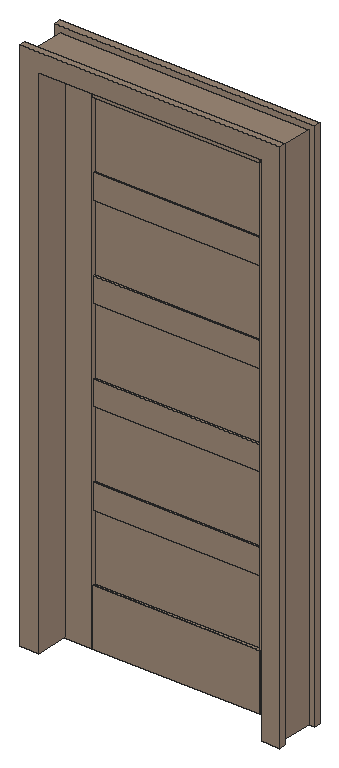
Revit family "Door-Exterior-Simpson-Traditional_Shaker", category Doors, host Wall, Revit 2012
Parameters (values of type "SEE CATALOG")
  Wood Species Note = "Available in Any Wood Species"
  Wood Species = "http://simpsondoor.com/e-catalog/#10"
  WaterBarrier with UltraBlock Technology = no
  WaterBarrier Note = "This Door Comes with The Option of WaterBarrier with UltraBlock Technology. It is Turn Off as a Default"
  Vertical Divide Width = 4 3/8"
  Upper Horizontal Divide Width = 4"
  UltraBlock Option = yes
  UltraBlock Note = "This Door Comes with The Option of UltraBlock Technology. It is Turn On as a Default"
  URL = "http://www.simpsondoor.com/"
  Typical Horizontal Divide Width = 4"
  Top Secondary Panel Height = 8 1/2"
  Top Rail Height = 4 5/16"
  Thickness = 1 3/4"
  Show Split Vertical Divide = no
  Show Full Vertical Divide = no
  Show Frame [instance] = yes
  Show Bottom Vertical Divide = no
  Rough Width = Width - (Frame Width * 2)  # 30"
  Rough Height = Height - Frame Width  # 81"
  Product Page URL = "http://www.simpsondoor.com/door-products/exterior/craftsman-collection/"
  Product Documentation Link = "http://www.simpsondoor.com/technical-information/detail-drawings/6000/S-6170-102-608.5-0700.pdf"
  Panel Type = Traditional Shaker-Panel_w_Divides : Panel
  Panel Thickness = 3/4"
  Panel Stile Width = 4 7/16"
  Panel = Wood - Simpson Doors - Douglas Fir
  Number of Horizontal Divides = 4
  Model = "000"
  Manufacturer = "Simpson Door Company"  # constant formula
  Lower Panel Height = 36"
  Lock Rail Height = 7 3/8"
  Height = 84"
  Function = 1
  Frame Width = 3"
  Frame = Wood - Simpson Doors - Douglas Fir
  Description = "Door"
  Default Sill Height = 0"  # constant formula
  Wall Closure = 3
  Width = 36"
  Bottom Rail Height = 9 3/16"
  Assembly Code = "B2020100"
Values of the unnamed type that differ from the named types
  Function = Exterior
  Wall Closure = Exterior
Reference planes (in)
  plane 1 "Center (Front/Back)": y = 0
  plane 2: z = 0
  plane 3 "Center (Left/Right)": x = 0
  plane 4 "Left": x = -18
  plane 5 "Right": x = 18
  plane 6 "Sill": z = 0
  plane 7 "Top": z = 84
  plane 8: x = -13.5625
  plane 9: z = 79.6875
  plane 10: z = 9.1875
Lines and regions (in)
  Opening 1
    outline origin (-60, -3, 0) x (1, 0, 0) y (0, 0, 1)
      loop
        line (42, 84) -> (42, 0) -> (78, 0) -> (78, 84) -> (42, 84)
Text (in)
  text "EXTERIOR" at (-58.6888, 50.90694, 0), in view "Ref. Level"
  text "INTERIOR" at (-58.6888, -37.76638, 0), in view "Ref. Level"
  text "Exterior" at (0, 43.65631, 123.19604), in view "Left"
  text "Exterior" at (0, 18.29385, 125.04747), in view "Right"
Dimensions and locks (in)
  equal spacing: plane 4 "Left", plane 3 "Center (Left/Right)", plane 5 "Right"
  "Width": plane 4 "Left" to plane 5 "Right"
  "Height": plane 6 "Sill" to plane 7 "Top"
  "Default Sill Height": plane 2 to plane 6 "Sill"
  "Panel Stile Width": plane 4 "Left" to plane 8
  "Bottom Rail Height": plane 10 to plane 6 "Sill"
  "Top Rail Height": plane 7 "Top" to plane 9
  aligned and locked: plane 7 "Top" to Opening 1 sketch curve
  aligned and locked: plane 6 "Sill" to Opening 1 sketch curve  (x2)
  aligned and locked: plane 5 "Right" to Opening 1 sketch curve
  aligned and locked: plane 4 "Left" to Opening 1 sketch curve
  aligned and locked: level to plane 2
  aligned and locked: plane 3 "Center (Left/Right)" to nested 1
  aligned and locked: nested 2 to plane 4 "Left"
  aligned and locked: nested 3 to plane 3 "Center (Left/Right)"
  aligned and locked: host wall to nested 1
  aligned and locked: nested 4 to nested 1
  aligned and locked: plane 4 "Left" to nested 1
  aligned and locked: nested 1 to plane 4 "Left"
  aligned and locked: plane 3 "Center (Left/Right)" to nested 4
Nested families (in)
  nested 1: "Traditional-Door_Edge" at (0, 2.125, 0), type "Panel"
    with Top Offset 4 5/16", Side Offset 4 7/16", Height 84", Bottom Offset 9 3/16"
  nested 2: "Single Swing Door - Traditional" at (0, 0, 0) x (-1, 0, 0) z (0, 0, 1), type "Swing"
    with Side Offset 4 7/16", Height 84"
  nested 3: "Frame" at (0, 0, 0) x (-1, 0, 0) z (0, 0, 1), visible <- "Show Frame", type "Standard"
    with Function 1
  nested 4: "Traditional Shaker-Panel_w_Divides" at (0, 2.125, 0), type <- "Panel Type", type "Panel"
    with Height 84", Insert Height 70 1/2"
Definition of nested family "Traditional-Door_Edge"
  Parameters (values of type "Panel")
    Width = 36"
    Top Offset = 3 15/16"
    Thickness = 1 3/4"
    Side Offset = 5"
    Panel Material = Wood - Simpson Doors - Douglas Fir
    Height = 80"
    Bottom Offset = 8 11/16"
  Reference planes (in)
    plane 1 "Center (Front/Back)": y = 0
    plane 2 "Bottom": z = 0
    plane 3 "Center (Left/Right)": x = 0
    plane 4: x = -18
    plane 5: y = 0.875
    plane 6: x = 18
    plane 7: y = -0.875
    plane 8: z = 80
    plane 9: x = 13
    plane 10: x = -13
    plane 11: z = 76.0625
    plane 12: y = -0.375
    plane 13: y = 0.375
    plane 14: z = 8.6875
  Forms (in)
    Extrusion 1, solid, material "Wood - Simpson Doors - Douglas Fir" <- "Panel Material"
      sketch origin (0, 0, 0) x (1, 0, 0) y (0, 0, 1)
        loop
          line (-18, 80) -> (-18, 0) -> (-13, 0) -> (-13, 80) -> (-18, 80)
        loop
          line (18, 80) -> (13, 80) -> (13, 0) -> (18, 0) -> (18, 80)
      from -0.875 to 0.875
    Extrusion 2, solid, material "Wood - Simpson Doors - Douglas Fir" <- "Panel Material"
      sketch origin (0, -0.875, 0) x (1, 0, 0) y (0, 0, 1)
        loop
          line (-13, 80) -> (-13, 76.0625) -> (13, 76.0625) -> (13, 80) -> (-13, 80)
        loop
          line (-13, 8.6875) -> (-13, 0) -> (13, 0) -> (13, 8.6875) -> (-13, 8.6875)
      from -1.75 to 0
  Dimensions and locks (in)
    equal spacing: plane 5, plane 1 "Center (Front/Back)", plane 7
    equal spacing: plane 4, plane 3 "Center (Left/Right)", plane 6
    "Width": plane 4 to plane 6
    "Thickness": plane 5 to plane 7
    "Height": plane 8 to level
    "Side Offset": plane 10 to plane 4
    "Top Offset": plane 8 to plane 11
    equal spacing: plane 13, plane 1 "Center (Front/Back)", plane 12
    plane 13 to plane 12 = 3/4"
    "Bottom Offset": plane 14 to plane 2 "Bottom"
    "Side Offset": plane 6 to plane 9
    aligned and locked: plane 2 "Bottom" to level
    aligned and locked: Extrusion 1 sketch curve to plane 4
    aligned and locked: Extrusion 1 sketch curve to plane 6
    aligned and locked: Extrusion 1 sketch curve to level  (x2)
    aligned and locked: Extrusion 1 sketch curve to plane 8  (x2)
    aligned and locked: plane 5 to Extrusion 1
    aligned and locked: Extrusion 1 to plane 7
    aligned and locked: Extrusion 1 to plane 9
    aligned and locked: Extrusion 2 sketch curve to Extrusion 1  (x2)
    aligned and locked: Extrusion 1 to Extrusion 2 sketch curve  (x2)
    aligned and locked: plane 11 to Extrusion 2 sketch curve
    aligned and locked: Extrusion 2 sketch curve to plane 9
    aligned and locked: Extrusion 2 sketch curve to plane 14
    aligned and locked: plane 10 to Extrusion 2 sketch curve
    aligned and locked: plane 5 to Extrusion 2
    aligned and locked: Extrusion 2 to plane 7
  Automatic sketch dimensions
    Extrusion 1 sketch curve to plane 10 = 0"
    Extrusion 1 sketch curve to plane 9 = 0"
Definition of nested family "Frame"
  Parameters (values of type "Standard")
    Rough Width = Width + 4"  # 40"
    Rough Height = Height + 2"  # 86"
    Function = (empty or 0)
    Frame Projection Ext. = 1"
    Frame Projection Int. = Frame Projection Ext.  # 1"
    Frame Width = 3"
    Height = 84"
    Wall Closure = (empty or 0)
    Width = 36"
    Frame = none
  Reference planes (in)
    plane 1 "Center (Front/Back)": y = 0
    plane 2 "Center (Left/Right)": x = 0
    plane 3 "Left": x = -18
    plane 4 "Right": x = 18
    plane 5 "Top": z = 84
    plane 6 "Exterior": y = 3
    plane 7 "Interior": y = -3
    plane 8: x = -21
    plane 9: x = 21
    plane 10: x = -20
    plane 11: x = 20
    plane 12: z = 86
    plane 13 "Bottom": z = 0
  Forms (in)
    Extrusion 1, solid, material <- "Frame"
      sketch origin (-90, 3, 0) x (-1, 0, 0) y (0, 0, 1)
        loop
          line (-108, 84) -> (-72, 84) -> (-72, 0) -> (-69, 0) -> (-69, 87) -> (-111, 87) -> (-111, 0) -> (-108, 0) -> (-108, 84)
      from 0 to 1
    Extrusion 2, solid, material <- "Frame"
      sketch origin (-90, -3, 0) x (1, 0, 0) y (0, 0, 1)
        loop
          line (72, 0) -> (72, 84) -> (108, 84) -> (108, 0) -> (111, 0) -> (111, 87) -> (69, 87) -> (69, 0) -> (72, 0)
      from 0 to 1
    Sweep 3, solid, material <- "Frame"
      path in 3D
        loop
          line (18, 4, 0) -> (18, 4, 84) -> (-18, 4, 84) -> (-18, 4, 0)
      profile origin (-18, 4, 42) x (1, 0, 0) y (0, 1, 0)
        loop
          line (0, -7) -> (0, -1) -> (-2, -1) -> (-2, -7) -> (0, -7)
  Cuts and joins
    joined: Extrusion 1, Extrusion 2, Sweep 3
  Lines and regions (in)
    Opening 1
      outline origin (-90, -3, 0) x (1, 0, 0) y (0, 0, 1)
        loop
          line (70, 0) -> (110, 0) -> (110, 86) -> (70, 86) -> (70, 0)
    Masking region 1, detail levels medium+fine
      outline origin (0, 0, 0) x (1, 0, 0) y (0, 1, 0)
        loop
          line (-18, 4) -> (-21, 4) -> (-21, 3) -> (-20, 3) -> (-20, -3) -> (-21, -3) -> (-21, -4) -> (-18, -4) -> (-18, 4)
        loop
          line (21, 4) -> (18, 4) -> (18, -4) -> (21, -4) -> (21, -3) -> (20, -3) -> (20, 3) -> (21, 3) -> (21, 4)
    Masking region 2, detail levels coarse
      outline origin (0, 0, 0) x (1, 0, 0) y (0, 1, 0)
        loop
          line (-18, 3) -> (-20, 3) -> (-20, -3) -> (-18, -3) -> (-18, 3)
        loop
          line (20, 3) -> (18, 3) -> (18, -3) -> (20, -3) -> (20, 3)
    sketch lines
      curve 1: line (-18, 4, 84) -> (-18, 4, 0)
      curve 2: line (18, 4, 84) -> (-18, 4, 84)
      curve 3: line (18, 4, 0) -> (18, 4, 84)
  Text (in)
    text "Exterior" at (-74.96733, 27.31104, 0), in view "Ref. Level"
    text "Interior" at (-74.96733, -25.14366, 0), in view "Ref. Level"
    text "Exterior" at (0, 40.15149, 123.01588), in view "Right"
    text "Interior" at (0, -64.39139, 123.01588), in view "Right"
    text "Interior" at (0, -31.01599, 123.00693), in view "Left"
    text "Exterior" at (0, 54.57065, 123.00693), in view "Left"
  Dimensions and locks (in)
    equal spacing: plane 3 "Left", plane 2 "Center (Left/Right)", plane 4 "Right"
    "Height": level to plane 5 "Top"
    "Frame Width": Extrusion 2 sketch curve to plane 3 "Left"
    "Frame Width": Extrusion 2 sketch curve to plane 4 "Right"
    "Frame Width": Extrusion 2 sketch curve to plane 5 "Top"
    "Frame Width": Extrusion 1 sketch curve to Extrusion 1 sketch curve  (x2)
    "Frame Width": Extrusion 1 sketch curve to plane 5 "Top"
    host wall to plane 5 "Top" = 84"
    "Frame Projection Int.": Extrusion 2 to host wall
    "Frame Projection Ext.": Extrusion 1 to host wall
    "Width": plane 3 "Left" to plane 4 "Right"
    "Frame Width": plane 8 to plane 3 "Left"
    "Frame Width": plane 4 "Right" to plane 9
    equal spacing: plane 10, plane 2 "Center (Left/Right)", plane 11
    "Rough Width": plane 10 to plane 11
    "Rough Height": level to plane 12
    aligned and locked: Opening 1 sketch curve to level
    aligned and locked: plane 5 "Top" to Extrusion 1 sketch curve  (x2)
    aligned and locked: plane 3 "Left" to Extrusion 1 sketch curve
    aligned and locked: Extrusion 1 sketch curve to plane 3 "Left"
    aligned and locked: level to Extrusion 1 sketch curve
    aligned and locked: plane 4 "Right" to Extrusion 1 sketch curve
    aligned and locked: Extrusion 1 to host wall
    aligned and locked: plane 3 "Left" to Extrusion 2 sketch curve
    aligned and locked: plane 5 "Top" to Extrusion 2 sketch curve  (x2)
    aligned and locked: plane 4 "Right" to Extrusion 2 sketch curve  (x2)
    aligned and locked: level to Extrusion 2 sketch curve
    aligned and locked: Extrusion 2 sketch curve to level
    aligned and locked: Extrusion 2 to host wall
    aligned and locked: plane 6 "Exterior" to host wall
    aligned and locked: plane 7 "Interior" to host wall
    aligned and locked: Opening 1 sketch curve to plane 11
    aligned and locked: plane 10 to Opening 1 sketch curve
    aligned and locked: Opening 1 sketch curve to plane 12
    aligned and locked: Sweep 3 sketch curve to plane 7 "Interior"
    aligned and locked: plane 13 "Bottom" to level
    aligned and locked: cut or joined group of Extrusion 1, Extrusion 2, Sweep 3 to Masking region 1 sketch curve  (x2)
    aligned and locked: Masking region 1 sketch curve to plane 3 "Left"
    aligned and locked: Masking region 1 sketch curve to plane 8  (x2)
    aligned and locked: Masking region 1 sketch curve to cut or joined group of Extrusion 1, Extrusion 2, Sweep 3  (x2)
    aligned and locked: Masking region 1 sketch curve to plane 7 "Interior"  (x2)
    aligned and locked: Masking region 1 sketch curve to plane 10
    aligned and locked: Masking region 1 sketch curve to plane 6 "Exterior"  (x2)
    aligned and locked: Masking region 1 sketch curve to plane 4 "Right"
    aligned and locked: plane 9 to Masking region 1 sketch curve  (x2)
    aligned and locked: plane 11 to Masking region 1 sketch curve
    aligned and locked: Masking region 2 sketch curve to plane 6 "Exterior"  (x2)
    aligned and locked: Masking region 2 sketch curve to plane 7 "Interior"  (x2)
    aligned and locked: Masking region 2 sketch curve to plane 3 "Left"
    aligned and locked: Masking region 2 sketch curve to plane 10
    aligned and locked: Masking region 2 sketch curve to plane 4 "Right"
    aligned and locked: plane 11 to Masking region 2 sketch curve
  Automatic sketch dimensions
    Extrusion 1 sketch curve to level = 0"
    Extrusion 2 sketch curve to level = 0"
    profile plane to Sweep 3 sketch curve = 1"
    profile plane to Sweep 3 sketch curve = 0"
    Sweep 3 sketch curve to profile plane = 2"
Definition of nested family "Traditional Shaker-Panel_w_Divides"
  Parameters (values of type "Panel")
    Width = 36"
    Thickness = 1 3/4"
    Panel Width = Width - (Stile Width * 2)  # 27 1/8"
    Insert Thickness = 3/4"
    Number of Horizontal Divides = 4
    Height = 80"
    Divide Width = 4"
    Divide Thickness = Thickness - (13/128" * 2)  # 1 35/64"
    Top Rail Height = 4 5/16"
    Stile Width = 4 7/16"
    Panel Material = Wood - Simpson Doors - Douglas Fir
    Insert Height = Height - Top Rail Height - Bottom Rail Height  # 66 1/2"
    Bottom Rail Height = 9 3/16"
    # of Horizontal Divides = Number of Horizontal Divides + 2  # 6
  Reference planes (in)
    plane 1 "Center (Front/Back)": y = 0
    plane 2 "Bottom": z = 0
    plane 3 "Center (Left/Right)": x = 0
    plane 4: x = -18
    plane 5: y = 0.875
    plane 6: x = 18
    plane 7: y = -0.875
    plane 8: z = 80
    plane 9: x = 13.5625
    plane 10: x = -13.5625
    plane 11: z = 75.6875
    plane 12: y = -0.375
    plane 13: y = 0.375
    plane 14: z = 9.1875
    plane 15: x = -13.625
    plane 16: x = 13.625
    plane 17: z = 9.125
    plane 18: z = 75.75
  Forms (in)
    Extrusion 1, solid, material "Wood - Simpson Doors - Douglas Fir" <- "Panel Material"
      sketch origin (0, 0, 0) x (1, 0, 0) y (0, 0, 1)
        loop
          line (-13.5625, 75.6875) -> (-13.5625, 9.1875) -> (13.5625, 9.1875) -> (13.5625, 75.6875) -> (-13.5625, 75.6875)
      from -0.375 to 0.375
  Dimensions and locks (in)
    equal spacing: plane 5, plane 1 "Center (Front/Back)", plane 7
    equal spacing: plane 4, plane 3 "Center (Left/Right)", plane 6
    "Width": plane 4 to plane 6
    "Thickness": plane 5 to plane 7
    "Height": plane 8 to level
    "Stile Width": plane 10 to plane 4
    "Top Rail Height": plane 8 to plane 11
    "Panel Width": plane 9 to plane 10
    equal spacing: plane 13, plane 1 "Center (Front/Back)", plane 12
    "Insert Thickness": plane 13 to plane 12
    "Bottom Rail Height": plane 14 to plane 2 "Bottom"
    locked: plane 9 to plane 16 at 0.0625
    locked: plane 15 to plane 10 at 0.0625
    locked: plane 14 to plane 17 at 0.0625
    locked: plane 18 to plane 11 at 0.0625
    equal spacing: group 1, group 3, group 4, group 5, group 6, group 2  (x3)
    aligned and locked: plane 2 "Bottom" to level
    aligned and locked: Extrusion 1 sketch curve to plane 11
    aligned and locked: Extrusion 1 to plane 9
    aligned and locked: Extrusion 1 to plane 12
    aligned and locked: Extrusion 1 to plane 13
    aligned and locked: nested 1 to plane 10
    aligned and locked: plane 17 to nested 1
    aligned and locked: nested 2 to plane 18
    aligned and locked: plane 1 "Center (Front/Back)" to nested 1
    aligned and locked: plane 1 "Center (Front/Back)" to nested 2
  Automatic sketch dimensions
    Extrusion 1 sketch curve to plane 10 = 0"
    Extrusion 1 sketch curve to plane 9 = 0"
    Extrusion 1 sketch curve to plane 14 = 0"
  Nested families (in)
    nested 1: "Traditional-Divides" at (0, 0, 7.125) x (0, 0, 1) z (0, -1, 0), type "Horizontal"
      with Divide Width 4", Divide Height 27 1/8"
    nested 2: "Traditional-Divides" at (0, 0, 77.75) x (0, 0, 1) z (0, -1, 0), type "Horizontal"
      with Divide Width 4", Divide Height 27 1/8"
    nested 3: "Traditional-Divides" at (0, 0, 21.25) x (0, 0, 1) z (0, -1, 0), type "Horizontal"
      with Divide Width 4", Divide Height 27 1/8"
    nested 4: "Traditional-Divides" at (0, 0, 35.375) x (0, 0, 1) z (0, -1, 0), type "Horizontal"
      with Divide Width 4", Divide Height 27 1/8"
    nested 5: "Traditional-Divides" at (0, 0, 49.5) x (0, 0, 1) z (0, -1, 0), type "Horizontal"
      with Divide Width 4", Divide Height 27 1/8"
    nested 6: "Traditional-Divides" at (0, 0, 63.625) x (0, 0, 1) z (0, -1, 0), type "Horizontal"
      with Divide Width 4", Divide Height 27 1/8"
  Definition of nested family "Traditional-Divides"
    Parameters (values of type "Traditional-Divides")
      Panel Finish = Wood - Simpson Doors - Douglas Fir
      Panel Thickness = 1 35/64"
      Divide Width = 3 1/2"
      Divide Height = 39 5/16"
      Default Elevation = 48"
    Reference planes (in)
      plane 1 "Center (Front/Back)": y = 0
      plane 2: z = 0
      plane 3 "Center (Left/Right)": x = 0
      plane 4: y = 19.65625
      plane 5: y = -19.65625
      plane 6: x = -1.75
      plane 7: x = 1.75
      plane 8: z = 0.77344
      plane 9: z = -0.77344
    Forms (in)
      Extrusion 1, solid
        sketch origin (0, 0, 0) x (1, 0, 0) y (0, 1, 0)
          loop
            line (-48, 48) -> (-48, -48) -> (48, -48) -> (48, 48) -> (-48, 48)
        from 0 to -12
      Extrusion 2, solid, material "Wood - Simpson Doors - Douglas Fir" <- "Panel Finish"
        sketch origin (0, 0, 0) x (1, 0, 0) y (0, 1, 0)
          loop
            line (-1.75, 19.65625) -> (-1.75, -19.65625) -> (1.75, -19.65625) -> (1.75, 19.65625) -> (-1.75, 19.65625)
        from -0.77344 to 0.77344
    Dimensions and locks (in)
      equal spacing: plane 6, plane 3 "Center (Left/Right)", plane 7
      "Divide Width": plane 6 to plane 7
      "Divide Height": plane 4 to plane 5
      equal spacing: plane 4, plane 1 "Center (Front/Back)", plane 5
      "Panel Thickness": plane 8 to plane 9
      equal spacing: plane 8, level, plane 9
      aligned and locked: plane 2 to Extrusion 1
      aligned and locked: level to Extrusion 1
      aligned and locked: Extrusion 2 sketch curve to plane 4
      aligned and locked: plane 6 to Extrusion 2 sketch curve
      aligned and locked: plane 5 to Extrusion 2 sketch curve
      aligned and locked: Extrusion 2 sketch curve to plane 7
      aligned and locked: plane 8 to Extrusion 2
      aligned and locked: Extrusion 2 to plane 9
    Automatic sketch dimensions
      Extrusion 1 sketch curve to Extrusion 1 sketch curve = 96"  (x2)
Definition of nested family "Single Swing Door - Traditional"
  Parameters (values of type "Swing")
    Width = 36"
    Thickness = 1 3/4"
    Side Offset = 8"
    Height = 80"
    Frame Projection Ext. = 1"
    Frame Projection Int. = 1"
    Frame Width = 3"
    Wall Closure = (empty or 0)
  Reference planes (in)
    plane 1 "Center (Front/Back)": y = 0
    plane 2 "Center (Left/Right)": x = 0
    plane 3 "Left": x = -18
    plane 4 "Right": x = 18
    plane 5 "Top": z = 80
    plane 6 "Exterior": y = 3
    plane 7 "Interior": y = -3
    plane 8 "Outside Interior": y = -4
  Lines and regions (in)
    symbolic lines, style "DoorsPanelProjection"
      curve 1: line (18, -3, 0) -> (18, -39, 0)
      curve 2: line (18, -39, 0) -> (16.25, -39, 0)
      curve 3: line (16.25, -39, 0) -> (16.25, -3, 0)
    symbolic lines
      curve 4: line (16.25, -3, 0) -> (18, -3, 0)
    symbolic lines, style "Plan Swing"
      curve 5: arc (18, -39, 0) -> (-7.45584, -28.45584, 0) -> (-18, -3, 0) r 36
    symbolic lines, style "Elevation Swing"
      curve 6: line (18, 3, 40) -> (-18, 3, 80)
      curve 7: line (-18, 3, 0) -> (18, 3, 40)
      curve 8: line (18, -4, 40) -> (-18, -4, 80)
      curve 9: line (-18, -4, 0) -> (18, -4, 40)
  Text (in)
    text "Exterior" at (-74.96733, 27.31104, 0), in view "Ref. Level"
    text "Interior" at (-74.96733, -25.14366, 0), in view "Ref. Level"
    text "Exterior" at (0, 40.15149, 123.01588), in view "Right"
    text "Interior" at (0, -64.39139, 123.01588), in view "Right"
    text "Interior" at (0, -31.01599, 123.00693), in view "Left"
    text "Exterior" at (0, 54.57065, 123.00693), in view "Left"
  Dimensions and locks (in)
    equal spacing: plane 3 "Left", plane 2 "Center (Left/Right)", plane 4 "Right"
    "Height": level to plane 5 "Top"
    "Width": plane 3 "Left" to plane 4 "Right"
    equal spacing: host wall, curve 7, plane 5 "Top"
    "Width": curve 2 to plane 7 "Interior"
    "Thickness": curve 3 to curve 1
    equal spacing: plane 5 "Top", curve 9, level
    locked: plane 8 "Outside Interior" to plane 7 "Interior" at 1
    aligned and locked: plane 6 "Exterior" to host wall
    aligned and locked: plane 7 "Interior" to host wall
    aligned and locked: plane 7 "Interior" to curve 4
    aligned and locked: plane 7 "Interior" to curve 5
    aligned and locked: plane 4 "Right" to curve 5
    aligned and locked: plane 4 "Right" to curve 6
    aligned and locked: plane 3 "Left" to curve 6
    aligned and locked: plane 5 "Top" to curve 6
    aligned and locked: level to curve 7
    aligned and locked: plane 3 "Left" to curve 7
  Automatic sketch dimensions
    curve 9 to level = 0"
    plane 3 "Left" to curve 8 = 0"
    curve 8 to plane 5 "Top" = 0"
    plane 4 "Right" to curve 9 = 0"
    plane 3 "Left" to curve 9 = 0"
